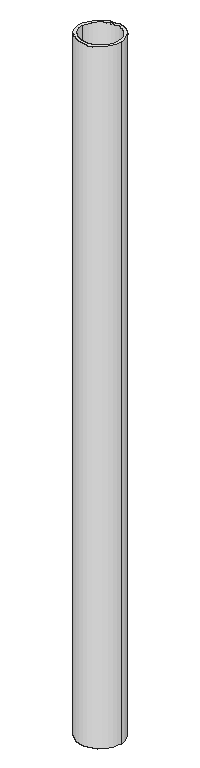
Revit family
Parameters (values of type "168.3x10CHS")
  기둥 재료 [instance] = 금속 - 스틸 - 345 MPa
  Assembly Code = ""
  A = 0.005 m²
  D = 168.3 mm
  Ix = 1564
  M = 39
  Zx = 186
  t = 10 mm
Reference planes
  plane 1 "중심(앞/뒤)": y = 0
  plane 2: z = 0
  plane 3 "중심(왼쪽/오른쪽)": x = 0
  plane 4: x = -84.15
  plane 5: x = 84.15
  plane 6: y = 84.15
  plane 7: y = -84.15
  plane 8: x = -74.15
  plane 9: x = 74.15
Forms (mm)
  Extrusion 1, solid, material "금속 - 스틸 - 345 MPa" <- "기둥 재료", detail levels medium+fine
    sketch origin (0, 0, 0) x (1, 0, 0) y (0, 1, 0)
      loop
        circle (0, 0) r 84.15
      loop
        circle (0, 0) r 74.15
    from 0 to 2500
Lines and regions (mm)
  symbolic lines, style "StructuralColumnStickSymbols", detail levels coarse
    curve 1: arc (-84.15, 0, 0) -> (0, -84.15, 0) -> (84.15, 0, 0) r 84.15
    curve 2: arc (84.15, 0, 0) -> (0, 84.15, 0) -> (-84.15, 0, 0) r 84.15
Dimensions and locks
  equal spacing: plane 4, plane 3 "중심(왼쪽/오른쪽)", plane 5
  equal spacing: plane 7, plane 1 "중심(앞/뒤)", plane 6
  "D": plane 7 to plane 6
  "D": plane 4 to plane 5
  "t": plane 4 to plane 8
  "t": plane 9 to plane 5
  aligned and locked: level to Extrusion 1
  aligned and locked: level to plane 2
  aligned and locked: Extrusion 1 to plane 2
  aligned and locked: curve 1 to Extrusion 1
Automatic sketch dimensions
  Extrusion 1 sketch curve to plane 1 "중심(앞/뒤)" = 0 mm  (x2)
  Extrusion 1 sketch curve to plane 4 = 0 mm
  Extrusion 1 sketch curve to plane 8 = 0 mm
  Extrusion 1 sketch curve to plane 3 "중심(왼쪽/오른쪽)" = 0 mm  (x2)
